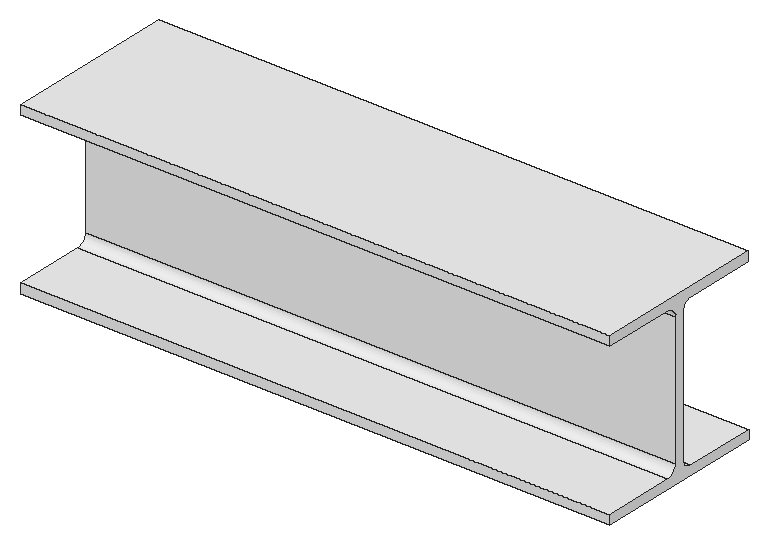
Revit family
Parameters (values of type "W350X156")
  시작 확장 계산 [instance] = 3012.5 mm + 시작 확장  # 3000 mm
  시작 확장 [instance] = -12.5 mm
  끝 확장 계산 [instance] = 3012.5 mm + 끝 확장  # 3000 mm
  끝 확장 [instance] = -12.5 mm
  보 재료 [instance] = 금속 - 스틸 - 345 MPa
  Assembly Code = ""
  A = 0.019 m²
  Length [instance] = 1500 mm
  W = 1.5298
  bf = 357 mm
  d = 350 mm
  k = 39 mm
  kr = k - tf  # 20 mm
  tf = 19 mm
  tw = 19 mm
Reference planes
  plane 1 "중심(앞/뒤)": y = 0
  plane 2: z = 0
  plane 3 "중심(왼쪽/오른쪽)": x = 4.61
  plane 4 "왼쪽 부재": x = -604.99
  plane 5 "오른쪽 부재": x = 614.21
  plane 6: y = 178.5
  plane 7: y = -178.5
  plane 8 "상단": z = 175
  plane 9: z = -175
  plane 10 "오른쪽": x = 766.61
  plane 11 "왼쪽": x = -733.39
  plane 12: x = -604.99
  plane 13: x = 614.21
  plane 14: x = 2395.01
  plane 15: x = -2385.79
Forms (mm)
  Sweep 1, solid, material "금속 - 스틸 - 345 MPa" <- "보 재료", detail levels fine
    path origin (0, 0, 0) x (1, 0, 0) y (0, 1, 0)
      loop
        line (614.21, 0) -> (-604.99, 0)
    profile "M_HP-내력 파일-프로파일-섬세 : M_HP-내력 파일-프로파일-섬세" origin (4.61, 0, 0) x (0, -1, 0) y (0, 0, 1)
      loop
        line (-178.5, -175) -> (178.5, -175) -> (178.5, -156) -> (29.5, -156)
        arc (29.5, -156) -> (15.358, -150.142) -> (9.5, -136) r 20
        line (9.5, -136) -> (9.5, 136)
        arc (9.5, 136) -> (15.358, 150.142) -> (29.5, 156) r 20
        line (29.5, 156) -> (178.5, 156) -> (178.5, 175) -> (-178.5, 175) -> (-178.5, 156) -> (-29.5, 156)
        arc (-29.5, 156) -> (-15.358, 150.142) -> (-9.5, 136) r 20
        line (-9.5, 136) -> (-9.5, -136)
        arc (-9.5, -136) -> (-15.358, -150.142) -> (-29.5, -156) r 20
        line (-29.5, -156) -> (-178.5, -156) -> (-178.5, -175)
  Sweep 2, solid, material "금속 - 스틸 - 345 MPa" <- "보 재료", detail levels medium
    path origin (0, 0, 0) x (1, 0, 0) y (0, 1, 0)
      loop
        line (614.21, 0) -> (-604.99, 0)
    profile "M_HP-내력 파일-프로파일-중간 : M_HP-내력 파일-프로파일-중간" origin (4.61, 0, 0) x (0, -1, 0) y (0, 0, 1)
      loop
        line (-178.5, -175) -> (178.5, -175) -> (178.5, -156) -> (9.5, -156) -> (9.5, 156) -> (178.5, 156) -> (178.5, 175) -> (-178.5, 175) -> (-178.5, 156) -> (-9.5, 156) -> (-9.5, -156) -> (-178.5, -156) -> (-178.5, -175)
Lines and regions (mm)
  symbolic lines, style "숨겨진 면", detail levels medium+fine
    curve 1: line (614.21, -6.5, 0) -> (-604.99, -6.5, 0)
    curve 2: line (614.21, 6.5, 0) -> (-604.99, 6.5, 0)
  symbolic lines, style "기호 부착", detail levels coarse
    curve 3: line (4.61, 178.5, 175) -> (4.61, -178.5, 175)
    curve 4: line (4.61, -178.5, -175) -> (4.61, 178.5, -175)
    curve 5: line (4.61, 0, -175) -> (4.61, 0, 175)
Dimensions and locks
  "bf": plane 6 to plane 7
  "d": plane 9 to plane 8 "상단"
  equal spacing: plane 9, plane 2, plane 8 "상단"
  equal spacing: plane 6, plane 1 "중심(앞/뒤)", plane 7
  "Length": plane 11 "왼쪽" to plane 10 "오른쪽"
  locked: plane 4 "왼쪽 부재" to plane 14 at 3000
  locked: plane 15 to plane 5 "오른쪽 부재" at 3000
  "시작 확장 계산": plane 12 to plane 14
  "끝 확장 계산": plane 15 to plane 13
  aligned and locked: Sweep 1 sketch curve to plane 1 "중심(앞/뒤)"
  aligned and locked: Sweep 2 sketch curve to plane 1 "중심(앞/뒤)"
  aligned and locked: Sweep 2 to curve 3  (x2)
  aligned and locked: Sweep 2 to curve 4  (x2)
  aligned and locked: curve 3 to Sweep 2
  aligned and locked: curve 4 to Sweep 2
  aligned and locked: plane 12 to Sweep 2 sketch curve
  aligned and locked: plane 13 to Sweep 2 sketch curve
  aligned and locked: plane 12 to Sweep 1 sketch curve
  aligned and locked: plane 13 to Sweep 1 sketch curve
  aligned and locked: plane 12 to curve 1
  aligned and locked: plane 12 to curve 2
  aligned and locked: plane 13 to curve 1
  aligned and locked: plane 13 to curve 2
Automatic sketch dimensions
  plane 1 "중심(앞/뒤)" to curve 1 = 6.5 mm
  curve 2 to plane 1 "중심(앞/뒤)" = 6.5 mm
  curve 5 to plane 1 "중심(앞/뒤)" = 0 mm
